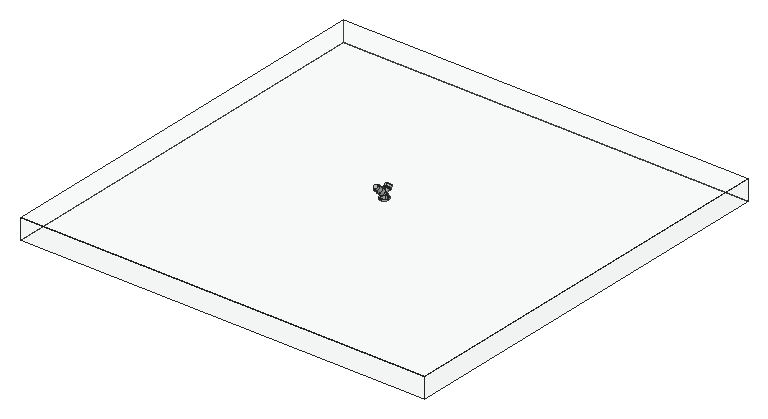
Revit family
Parameters (values of type "26P-3/4"")
  Weight Lbs = 1
  Waste Connection = no
  Wall Flange Diameter = 0' - 2"
  Vent Connection = no
  URL = "http://www.woodfordmfg.com/woodford/Wall_Hydrant_Pages/model-26.html"
  Polished Brass (PB) (Optional) = ""
  Overall Faucet Length = 0' - 3 5/8"
  Overall Faucet Height = 0' - 4"
  Outlet = "3/4\" Male Hose Thread"
  Model = "26P-3/4"
  Max Temperature = "120º -F"
  Max Pressure = 125.00 psi
  Manufacturer = "Woodford Manufacturing Company"
  Inlets = "3/4\" Female Pipe Thread"
  HW Connection = yes
  GPM = "8 @ 100 psi"
  Double Check Backflow Preventor = "ASSE 1052"
  Default Elevation = 4' - 0"
  Clear Polycarbonate Handle Standard = ""
  Chrome (Standard) = ""
  Catalog Sheet = "http://www.woodfordmfg.com/woodford/Wall_Hyd_PDF/26CATALOG.pdf"
  CW Connection = yes
  Brass Head Casting & Internal Parts = ""
  Brass (BR) (Optional) = ""
  Assembly Code = ""
Types (2): name | Model | Inlets
  26P-1/2 | "26P-1/2" | "1/2\" Female Pipe Thread"
  26P-3/4" | "26P-3/4" | "3/4\" Female Pipe Thread"
Reference planes (in)
  plane 1 "Center (Front/Back)": y = 0
  plane 2: z = 0
  plane 3 "Center (Left/Right)": x = 0
  plane 4 "Wall": z = 0
  plane 5 "Housing Base": z = 0.15625
  plane 6 "Transition": z = 0.78125
  plane 7 "Top Transition": z = 0.90625
  plane 8: z = 1.40625
  plane 9: through (0, -0.83408, 4.77887) normal (0, -0.7071, 0.7071)
  plane 10: through (0, -0.34395, 3.85478) normal (0, -0.7071, 0.7071)
  plane 11: through (0, -0.27613, 3.73959) normal (0, -0.7071, 0.7071)
  plane 12: through (0, 0.24151, 2.84302) normal (0, -0.7071, 0.7071)
  plane 13: through (0, 0.75915, 1.94644) normal (0, -0.7071, 0.7071)
  plane 14: through (0, 0.1136, 2.61606) normal (0, -0.7071, -0.7071)
  plane 15: through (0, 0.02521, 2.52768) normal (0, -0.7071, -0.7071)
  plane 16: through (0, -0.6819, 1.82057) normal (0, -0.7071, -0.7071)
  plane 17: z = 9
  plane 18: x = -2.68045
  plane 19: x = 2.68045
  plane 20: through (0, -0.96349, 5.00301) normal (0, -0.7071, 0.7071)
Forms (in)
  Extrusion 1, solid, material "Glass"
    sketch origin (0, 0, 0) x (1, 0, 0) y (0, 1, 0)
      loop
        line (-48, 48) -> (-48, -48) -> (48, -48) -> (48, 48) -> (-48, 48)
    from 0 to -4.92093
  Extrusion 2, solid, material "Chrome", detail levels fine
    sketch origin (0, 0, 0) x (-1, 0, 0) y (0, -1, 0)
      loop
        arc (-0.98921, -0.14648) -> (0, -1) -> (0.98921, -0.14648) r 1
        line (0.98921, -0.14648) -> (0.88936, -0.14648)
        arc (0.88936, -0.14648) -> (0.74288, 0) -> (0.88936, 0.14648) r 0.14648
        line (0.88936, 0.14648) -> (0.98921, 0.14648)
        arc (0.98921, 0.14648) -> (0, 1) -> (-0.98921, 0.14648) r 1
        line (-0.98921, 0.14648) -> (-0.88936, 0.14648)
        arc (-0.88936, 0.14648) -> (-0.74288, 0) -> (-0.88936, -0.14648) r 0.14648
        line (-0.88936, -0.14648) -> (-0.98921, -0.14648)
    from 0 to 0.15625
  Extrusion 3, solid, material "Chrome", detail levels fine
    sketch origin (0, 0, 0.15625) x (-1, 0, 0) y (0, -1, 0)
      loop
        arc (0.63103, 0.375) -> (0, 0.56056) -> (-0.63103, 0.375) r 1.16573
        line (-0.63103, 0.375) -> (-0.63103, 0) -> (-0.63103, -0.375)
        arc (-0.63103, -0.375) -> (0, -0.56056) -> (0.63103, -0.375) r 1.16573
        line (0.63103, -0.375) -> (0.63103, 0) -> (0.63103, 0.375)
    from 0 to 0.625
  Extrusion 4, solid, material "Chrome", detail levels fine
    sketch origin (0, 0, 0.78125) x (-1, 0, 0) y (0, -1, 0)
      loop
        circle (0, 0) r 0.54943
    from 0 to 0.125
  Blend 5, solid, material "Chrome", detail levels fine
    base sketch origin (0, 0, 0.90625) x (-1, 0, 0) y (0, -1, 0)
      loop
        circle (0, 0) r 0.54943
    top sketch origin (0, 0, 0.90625) x (-1, 0, 0) y (0, -1, 0)
      loop
        circle (0, 0) r 0.36063
    from 0 to 0.5
  Sweep 6, solid, material "Chrome", detail levels fine
    path origin (0, -0.26979, 0.05792) x (0, 0.965926, -0.258819) y (0, 0.258819, 0.965926)
      loop
        line (0.08507, 1.0536) -> (0.58507, 1.91963)
    profile origin (0, 0.43863, 1.40715) x (0, -0.707107, 0.707107) y (1, 0, 0)
      loop
        circle (0, 0) r 0.4375
  Sweep 7, solid, material "Chrome", detail levels fine
    path origin (0, 0, 0) x (0, -1, 0) y (0, 0, -1)
      loop
        line (0.10287, -1.08442) -> (0.80997, -1.79153)
    profile origin (0, -0.45642, 1.43798) x (0, -0.707107, -0.707107) y (1, 0, 0)
      loop
        circle (0, 0) r 0.43677
  Sweep 8, solid, material "Chrome", detail levels fine
    path origin (0, 0, 0) x (0, 1, 0) y (0, 0, 1)
      loop
        line (-0.80997, 1.79153) -> (-1.51708, 2.49864)
    profile origin (0, -1.16353, 2.14508) x (0, -0.707107, -0.707107) y (1, 0, 0)
      loop
        circle (0, 0) r 0.625
  Sweep 9, solid, material "Chrome", detail levels fine
    path origin (0, 0, 0) x (0, 1, 0) y (0, 0, 1)
      loop
        line (-1.51708, 2.49864) -> (-1.60859, 2.59014)
    profile origin (0, -1.56283, 2.54439) x (0, -0.707107, -0.707107) y (1, 0, 0)
      loop
        circle (-0.02304, 0) r 0.375
  Sweep 10, solid, material "Chrome", detail levels fine
    path origin (0, 0, 0) x (0, 1, 0) y (0, 0, 1)
      loop
        line (-1.60859, 2.59014) -> (-2.31569, 3.29725)
    profile origin (0, -1.96214, 2.9437) x (0, -0.707107, -0.707107) y (1, 0, 0)
      loop
        circle (0, 0) r 0.625
  Sweep 11, solid, detail levels fine
    path origin (0, -0.26979, 0.05792) x (0, 0.965926, -0.258819) y (0, 0.258819, 0.965926)
      loop
        line (0.58507, 1.91963) -> (0.64757, 2.02788)
    profile origin (0, 0.83637, 1.8049) x (0, -0.707107, 0.707107) y (1, 0, 0)
      loop
        circle (0, 0) r 0.25
  Sweep 12, solid, material "Chrome", detail levels fine
    path origin (0, -0.5, 0.86603) x (0, 1, 0) y (0, 0, 1)
      loop
        line (-1.81569, 2.43122) -> (-1.99247, 2.608)
    profile origin (0, -2.40408, 3.38564) x (0, -0.707107, -0.707107) y (1, 0, 0)
      loop
        circle (0, 0) r 0.5
  Revolve 13, solid, material "Chrome"
    sketch origin (0, 0, 0) x (0, 1, 0) y (0, 0, 1)
      loop
        line (1.4109, 2.37943) -> (0.88057, 1.8491) -> (1.4109, 1.31877) -> (1.46162, 1.36949) -> (1.42263, 1.40848) -> (1.7674, 1.84977) -> (1.7674, 2.02292) -> (1.4109, 2.37943)
      axis (1.4109, 2.37943) -> (0.88057, 1.8491)
    angle from 0 to 360
Lines and regions (in)
  reference lines
    curve 1: line (0, 0.08507, 1.0536) -> (0, 2.28664, 3.25516)
    curve 2: line (0, -0.10287, 1.08442) -> (0, -2.64387, 3.62542)
  model lines, detail levels coarse+medium
    curve 3: line (0, 0, 0) -> (0, 0, 9)
    curve 4: line (-2.68045, 0, 7) -> (0, 0, 7)
    curve 5: line (2.68045, 0, 7) -> (0, 0, 7)
Dimensions and locks (in)
  plane 4 "Wall" to Extrusion 1 = 0' - 0"
  equal spacing: plane 18, plane 3 "Center (Left/Right)", plane 19
  plane 18 to plane 19 = 0' - 5.36091"
  plane 17 to level = 0' - 9"
  curve 4 to level = 0' - 7"
  curve 5 to level = 0' - 7"
  locked: plane 20 to plane 9 at 0.25
  locked: plane 9 to plane 10 at 1
  locked: plane 10 to plane 11 at 0.12941
  locked: plane 11 to plane 12 at 1
  plane 12 to plane 13 = 0' - 1"
  plane 15 to plane 14 = 0' - 0 1/8"
  plane 16 to plane 15 = 0' - 1"
  angle curve 2 to curve 3 = 45.00°
  angle curve 3 to curve 1 = 45.00°
  aligned and locked: plane 2 to Extrusion 1
  aligned and locked: level to Extrusion 1
  aligned and locked: plane 5 "Housing Base" to Extrusion 2
  aligned and locked: plane 6 "Transition" to Extrusion 3
  aligned and locked: plane 7 "Top Transition" to Extrusion 4
  aligned and locked: plane 8 to Blend 5
  aligned and locked: plane 9 to Sweep 10 sketch curve
  aligned and locked: plane 10 to Sweep 10 sketch curve
  aligned and locked: curve 2 to Sweep 10 sketch curve
  aligned and locked: plane 10 to Sweep 9 sketch curve
  aligned and locked: plane 11 to Sweep 9 sketch curve
  aligned and locked: curve 2 to Sweep 9 sketch curve
  aligned and locked: plane 11 to Sweep 8 sketch curve
  aligned and locked: plane 12 to Sweep 8 sketch curve
  aligned and locked: curve 2 to Sweep 8 sketch curve
  aligned and locked: plane 12 to Sweep 7 sketch curve
  aligned and locked: plane 13 to Sweep 7 sketch curve
  aligned and locked: Sweep 7 sketch curve to curve 2
  aligned and locked: curve 2 to Sweep 12 sketch curve
  aligned and locked: plane 20 to Sweep 12 sketch curve
  aligned and locked: plane 9 to Sweep 12 sketch curve
  aligned and locked: plane 14 to Sweep 11 sketch curve
  aligned and locked: plane 15 to Sweep 11 sketch curve
  aligned and locked: curve 1 to Sweep 11 sketch curve
  aligned and locked: plane 15 to Sweep 6 sketch curve
  aligned and locked: plane 16 to Sweep 6 sketch curve
  aligned and locked: Sweep 6 sketch curve to curve 1
  aligned and locked: Revolve 13 sketch curve to curve 1  (x2)
Automatic sketch dimensions
  plane 18 to curve 4 = 0' - 0"
  curve 3 to plane 3 "Center (Left/Right)" = 0' - 0"
  plane 19 to curve 5 = 0' - 0"
  curve 3 to level = 0' - 0"
  curve 3 to plane 17 = 0' - 0"
  Extrusion 1 sketch curve to Extrusion 1 sketch curve = 8' - 0"  (x2)
  Extrusion 2 sketch curve to Extrusion 2 sketch curve = 0' - 0"  (x2)
  plane 1 "Center (Front/Back)" to Extrusion 2 sketch curve = 0' - 0"  (x3)
  Extrusion 2 sketch curve to plane 3 "Center (Left/Right)" = 0' - 0"
  Extrusion 2 sketch curve to plane 1 "Center (Front/Back)" = 0' - 0.14648"
  plane 3 "Center (Left/Right)" to Extrusion 2 sketch curve = 0' - 0.88936"
  Extrusion 2 sketch curve to Extrusion 2 sketch curve = 0' - 0.09986"  (x3)
  plane 1 "Center (Front/Back)" to Extrusion 2 sketch curve = 0' - 0.14648"
  plane 1 "Center (Front/Back)" to Extrusion 3 sketch curve = 0' - 0"  (x2)
  Extrusion 3 sketch curve to plane 3 "Center (Left/Right)" = 0' - 0"  (x2)
  plane 1 "Center (Front/Back)" to Extrusion 3 sketch curve = 0' - 0 3/8"
  plane 3 "Center (Left/Right)" to Extrusion 3 sketch curve = 0' - 0.63103"
  Extrusion 3 sketch curve to plane 3 "Center (Left/Right)" = 0' - 0.63103"
  Extrusion 3 sketch curve to plane 1 "Center (Front/Back)" = 0' - 0 3/8"
  Extrusion 3 sketch curve to plane 1 "Center (Front/Back)" = 0' - 0.60517"
  plane 1 "Center (Front/Back)" to Extrusion 3 sketch curve = 0' - 0.60517"
  plane 1 "Center (Front/Back)" to Extrusion 4 sketch curve = 0' - 0"
  Extrusion 4 sketch curve to plane 3 "Center (Left/Right)" = 0' - 0"
  plane 1 "Center (Front/Back)" to Blend 5 sketch curve = 0' - 0"  (x2)
  Blend 5 sketch curve to plane 3 "Center (Left/Right)" = 0' - 0"  (x2)
  Sweep 6 sketch curve to profile plane = 0' - 0"  (x2)
  Sweep 7 sketch curve to profile plane = 0' - 0"  (x2)
  Sweep 9 sketch curve to profile plane = 0' - 0"
  profile plane to Sweep 9 sketch curve = 0' - 0.02304"
  Sweep 10 sketch curve to profile plane = 0' - 0"  (x2)
  Sweep 11 sketch curve to profile plane = 0' - 0"  (x2)
  curve 2 to plane 13 = 0' - 0"
  plane 16 to curve 1 = 0' - 0"
  plane 1 "Center (Front/Back)" to curve 2 = 0' - 2.64387"
  plane 1 "Center (Front/Back)" to curve 2 = 0' - 0.10287"
  curve 1 to plane 1 "Center (Front/Back)" = 0' - 0.08507"
  curve 1 to plane 1 "Center (Front/Back)" = 0' - 2.28664"
  plane 8 to curve 1 = 0' - 1.84891"
  plane 8 to curve 2 = 0' - 2.21917"
  Sweep 12 sketch curve to profile plane = 0' - 0"  (x2)
  Sweep 8 sketch curve to plane 12 = 0' - 0"
  Sweep 8 sketch curve to profile plane = 0' - 0"  (x2)
  plane 8 to Revolve 13 sketch curve = 0' - 0.44285"
  Revolve 13 sketch curve to Revolve 13 sketch curve = 0' - 0"  (x2)
  Revolve 13 sketch curve to plane 8 = 0' - 0.08748"
  Revolve 13 sketch curve to Revolve 13 sketch curve = 0' - 0.53033"
  plane 8 to Revolve 13 sketch curve = 0' - 0.00223"
  Revolve 13 sketch curve to Revolve 13 sketch curve = 0' - 0 3/256"
  Revolve 13 sketch curve to Revolve 13 sketch curve = 0' - 0.35651"
  Revolve 13 sketch curve to Revolve 13 sketch curve = 0' - 0.17315"
  radius of Extrusion 4 sketch curve = 0' - 0.54943"
  radius of Blend 5 sketch curve = 0' - 0.54943"
  radius of Blend 5 sketch curve = 0' - 0.36063"
  radius of Sweep 6 sketch curve = 0' - 0 7/16"
  radius of Sweep 7 sketch curve = 0' - 0.43677"
  radius of Sweep 9 sketch curve = 0' - 0 3/8"
  radius of Sweep 10 sketch curve = 0' - 0 5/8"
  radius of Sweep 11 sketch curve = 0' - 0 1/4"
  radius of Sweep 12 sketch curve = 0' - 0 1/2"
  radius of Sweep 8 sketch curve = 0' - 0 5/8"
Connectors (in)
  piping at (0, 0, 0)
    settings: on Extrusion 2, index 1, connector radius 3/8", flow factor 0, pipe flow 8 GPM, pressure drop 100.00 psi, fitting loss kfactor 0, connector angle 0.00°, fixture units 0, flow configuration 1, flow direction 1, fitting loss method 4, system type 20, connector reference index -1, connector utility 0, adjustable connector no, is connector primary yes, fitting loss table "", connector description ""
